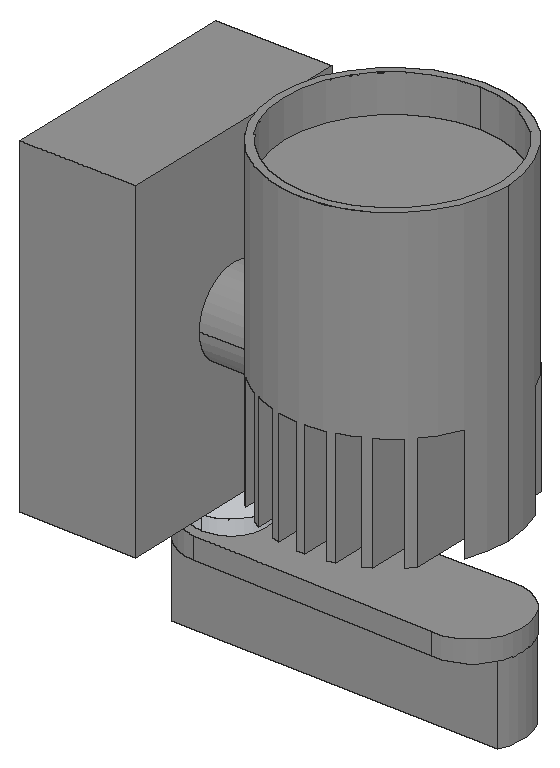
Revit family "2059776 Sylvania Lighting Fixture BEACON MUSE Xicato 3500K O B DIM LS3 Black", category Lighting Fixtures, host Face, Revit 2016
Family settings
  Host = Face
  Part Type = Normal
  Round Connector Dimension = Use Diameter
  OmniClass Number = 23.80.70.00
  OmniClass Title = Lighting
  Cut with Voids When Loaded = No
  Light Source = Yes
  Shared = No
  Room Calculation Point = No
Parameters (values of type "2059776")
  head from driver = 52 mm
  driver head distance = 15 mm
  ceiling drop = 180 mm
  Weight = "n/a"
  Wattage Comments = ""
  Wattage = 0 W
  WarrantyStartDate [instance] = "n/a"
  WarrantyGuarantorParts = ""
  WarrantyDurationUnit = "http://www.sylvania-lighting.com"
  WarrantyDurationParts = "n/a"
  WarrantyDescription = "0.95"
  built-in parameter 1150110 = 1 (stored number, unit not read)
  Voltage = 0 V
  URL = "\\\\svlondc02\\data\\R&D_Fixtures_General\\Dialux Admin\\Michael H\\Bim\\All ranges Feilo\\not Completed\\Beacon Xicato\\Beacon XL Muse Xicato\\2059778.ies"
  TypeName = "BEACON XL MUSE Xicato 3500K O/B DIM LS3 White"
  Type Image = <None>
  Type Comments = "n/a"
  built-in parameter 1114217 = 1 (stored number, unit not read)
  Tilt Angle = 90.00°
  built-in parameter 1150109 = 1 (stored number, unit not read)
  built-in parameter 1150134 = 3
  built-in parameter 1150113 = 1 (stored number, unit not read)
  SerialNumber [instance] = "n/a"
  Photometric Web File = "2059778.ies"
  Material_3_FEILO = none
  PowerFactor = 0
  PowerConsumption = "0"
  NominalLength = 0 mm
  NominalHeight = 0 mm
  NominalDepth = 0 mm
  Name = "BEACON XL MUSE Xicato 3500K O/B DIM LS3 White"
  ModelReference = Name  # "BEACON XL MUSE Xicato 3500K O/B DIM LS3 White"
  ModelNumber = "2059778"
  Model = Name  # "BEACON XL MUSE Xicato 3500K O/B DIM LS3 White"
  Material = ""
  ManufacturerName = ""
  Manufacturer = ""
  LuminousEfficacy = "100"
  built-in parameter 1150105 = (empty or 0)
  Lumens = 0 lm
  LuminaireType = "668/1741 lm"
  built-in parameter 1150115 = 1 (stored number, unit not read)
  Lighting Material = none
  LightOutputRatio = "3"
  built-in parameter 1150137 = (empty or 0)
  built-in parameter 1150139 = (empty or 0)
  Light = none
  LampsType = Lamp  # "n/a"
  LampNominalLuminous = "LED"
  LampMacAdamStep = "16500"
  LampColourTemperature = "n/a"
  LampColourRenderingIndex = "n/a"
  built-in parameter 1150112 = 1 (stored number, unit not read)
  built-in parameter 1150114 = 1 (stored number, unit not read)
  Lamp = "n/a"
  Keynote = "0"
  InstallationDate [instance] = "n/a"
  InputVoltage = "IP20"
  InputNominalFrequency = "IK02"
  built-in parameter 1150132 = (empty or 0)
  built-in parameter 1150102 = (empty or 0)
  built-in parameter 1150107 = 3200 (stored number, unit not read)
  built-in parameter 1150138 = (empty or 0)
  IngressProtection = ""
  ImpactProtectionIndex = "Class II"
  built-in parameter 1150106 = (empty or 0)
  IfcExportType = "IfcLightFixtureType"
  IfcExportAs = "50"
  Head Length [instance] = 142 mm
  ExpectedLife = 50000
  Emit from Circle Diameter = 609.6 mm
  Emit Shape Visible in Rendering = no
  ElectricShockClassification = ""
  built-in parameter 1150104 = 13.8 (stored number, unit not read)
  DurationUnit = "hours"
  Driver Width = 85 mm
  DocumentationLiterature = "http://www.sylvania-lighting.com/product/en-int/products/2059778"
  DimmingControlOptions = "n/a"
  Material_2_FEILO = none
  Dimming Lamp Color Temperature Shift = <None>
  Diameter = 80 mm
  Description = "Integrated LED spotlight with Xicato Artist LED Module, white RAL 9016, unique soft-touch ring, adjustable beam angle from a 10° spot to a 72° flood, compact and minimalist design, ideal for museum, gallery and high-end retail applications, die-cast aluminium body, passive cooling heatsink, beam angle: 10° spot to 72° flood, optics: aspheric glass lens, colour temperature: 3500K warm white, total system power: 35W, total fixture output: 668/1741lm, luminaire efficacy: 50lm/W, LOR: 100%, super high colour rendering: Ra 97 typical, R9 value at 90, LED Chromacity: 3 step MacAdam ellipse, lifetime: 50,000 hours at 70% of the original output (L70), energy class: A++, A+, A, IR/UV free light source without heat radiation, operating voltage: 220-240V / 50-60Hz, drive current: 1050mA, electronic driver, dimmable via on-board potentiometer, power factor: 0.95, electrical protection: CLASS I, 3-circuit track adaptor, suitable for Concord Lytespan 3 track, ingress protection rating: IP20, suitable for internal use."
  Default Elevation = 115 mm
  CreatedOn = "01/07/2019"
  CreatedBy = "@sylvania-lighting.com"
  Cost = 0
  Color Filter = 16777215
  built-in parameter 1114216 [instance] = (empty or 0)
  ClassificationValue = "EF_70_80"
  ClassificationName = "Uniclass2015"
  Material_1_FEILO = none
  BarCode [instance] = "n/a"
  built-in parameter 1114218 = 1 (stored number, unit not read)
  built-in parameter 1150133 = 10 (stored number, unit not read)
  AssetType = "Fixed"
  AssetIdentifier [instance] = "n/a"
  Assembly Code = "D5020200"
  Apparent Load = 35 VA
  Material_4_FEILO = none
  Adaptor Width = 34.952 mm
  Adaptor Pivot = 24.952 mm
  Adaptor Inside Width = 16.53 mm
Reference planes
  plane 1 "Center (Front/Back)": y = 0
  plane 2: z = 0
  plane 3 "Center (Left/Right)": x = 0
  plane 4: y = 40
  plane 5: y = -40
  plane 6: x = -40
  plane 7: x = 40
  plane 8: z = 148
  plane 9: z = -14
  plane 10: x = -72.5
  plane 11: x = -112.5
  plane 12: z = 76
  plane 13: y = 42.5
  plane 14: y = -42.5
  plane 15: y = 17.476
  plane 16: y = -17.476
  plane 17: y = 12.476
  plane 18: y = -12.476
  plane 19: y = 8.265
  plane 20: y = -8.265
  plane 21: z = 5.5
  plane 22: z = 38
  plane 23: x = 35
  plane 24: x = 28
  plane 25: x = 25.5
  plane 26: x = 18.5
  plane 27: x = 16
  plane 28: x = 9
  plane 29: x = 6.5
  plane 30: x = -0.5
  plane 31: x = -3
  plane 32: x = -10
  plane 33: x = -12.5
  plane 34: x = -19.5
  plane 35: x = -22
  plane 36: x = -29
  plane 37: x = -31.5
  plane 38: x = -38.5
Forms (mm)
  Extrusion 1, solid, material "Aluminum", detail levels medium+fine
    sketch origin (0, 0, 0) x (1, 0, 0) y (0, 1, 0)
      loop
        circle (0, 0) r 40
    from 38 to 148
  Extrusion 2, solid, material "Aluminum", detail levels medium+fine
    sketch origin (17.5, 0, 0) x (1, 0, 0) y (0, 1, 0)
      loop
        line (-112.5, 42.5) -> (-112.5, -42.16) -> (-72.5, -42.16) -> (-72.5, 42.5) -> (-112.5, 42.5)
    from 18 to 133
  Extrusion 3, solid, material "Aluminum"
    sketch origin (336.5, 1524, 1219.2) x (0, 1, 0) y (0, 0, 1)
      loop
        circle (-1524, -1143.2) r 15
    from -391.5 to -373.374
  Extrusion 4, solid, detail levels fine
    sketch origin (16.702, -15.316, 18) x (0, 1, 0) y (1, 0, 0)
      loop
        circle (15.34, -72.5) r 12.5
    from 0 to 5
  Extrusion 5, solid, material "Aluminum", detail levels fine
    sketch origin (15.705, -27.856, 13) x (-1, 0, 0) y (0, 1, 0)
      loop
        arc (-11.998, 45.379) -> (-29.497, 27.722) -> (-11.683, 10.382) r 17.5
        line (-11.683, 10.382) -> (71.502, 11.879)
        arc (71.502, 11.879) -> (87.502, 27.879) -> (71.502, 43.879) r 16
        line (71.502, 43.879) -> (-11.998, 45.379)
    from 0 to 7.5
  Extrusion 6, void
    sketch origin (0, 0, 148) x (0, 1, 0) y (1, 0, 0)
      loop
        circle (0, 0) r 37.5
    from 0 to 15
  Extrusion 7, solid, material "Aluminum", detail levels fine
    sketch origin (17.5, 0, 0) x (1, 0, 0) y (0, 1, 0)
      loop
        arc (-87.012, 8.265) -> (-89.298, 0) -> (-87.012, -8.265) r 16.086
        line (-87.012, -8.265) -> (25.615, -8.265)
        arc (25.615, -8.265) -> (27.702, 0) -> (25.615, 8.265) r 17.405
        line (25.615, 8.265) -> (-87.012, 8.265)
    from -21.5 to 5.5
  Extrusion 8, solid, not visible
    sketch origin (0, 0, 0) x (1, 0, 0) y (0, 1, 0)
      loop
        circle (0, 0) r 57.5
    from 48 to 180
  Extrusion 9, void, not visible
    sketch origin (0, 0, 48) x (1, 0, 0) y (0, 1, 0)
      loop
        line (43.7, -85.519) -> (53.7, -85.519) -> (53.7, 68.594) -> (43.7, 68.594) -> (43.7, -85.519)
      loop
        line (39.9, -85.519) -> (39.9, 68.594) -> (29.9, 68.594) -> (29.9, -85.519) -> (39.9, -85.519)
      loop
        line (26.1, -85.519) -> (26.1, 68.594) -> (16.1, 68.594) -> (16.1, -85.519) -> (26.1, -85.519)
      loop
        line (12.3, -85.519) -> (12.3, 68.594) -> (2.3, 68.594) -> (2.3, -85.519) -> (12.3, -85.519)
      loop
        line (-1.5, -85.519) -> (-1.5, 68.594) -> (-11.5, 68.594) -> (-11.5, -85.519) -> (-1.5, -85.519)
      loop
        line (-15.3, -85.519) -> (-15.3, 68.594) -> (-25.3, 68.594) -> (-25.3, -85.519) -> (-15.3, -85.519)
      loop
        line (-29.1, -85.519) -> (-29.1, 68.594) -> (-39.1, 68.594) -> (-39.1, -85.519) -> (-29.1, -85.519)
      loop
        line (-42.9, -85.519) -> (-42.9, 68.594) -> (-52.9, 68.594) -> (-52.9, -85.519) -> (-42.9, -85.519)
    from 0 to 60
  Extrusion 10, solid, not visible
    sketch origin (319, 1524, 1219.2) x (0, 1, 0) y (0, 0, 1)
      loop
        circle (-1524, -1143.2) r 15
    from -391.5 to -361.9
  Extrusion 11, void, not visible
    sketch origin (0, 0, 180) x (0, 1, 0) y (1, 0, 0)
      loop
        circle (0, 0) r 53
    from 0 to 15
  Extrusion 12, solid, not visible
    sketch origin (0, 0, 0) x (1, 0, 0) y (0, 1, 0)
      loop
        circle (0, 0) r 57.5
    from 48 to 180
  Extrusion 13, solid, not visible
    sketch origin (0, 0, 0) x (1, 0, 0) y (0, 1, 0)
      loop
        line (-112.5, 42.5) -> (-112.5, -42.16) -> (-72.5, -42.16) -> (-72.5, 42.5) -> (-112.5, 42.5)
    from 18 to 133
  Extrusion 14, void, not visible
    sketch origin (0, 0, 48) x (1, 0, 0) y (0, 1, 0)
      loop
        line (43.7, -85.519) -> (53.7, -85.519) -> (53.7, 68.594) -> (43.7, 68.594) -> (43.7, -85.519)
      loop
        line (39.9, -85.519) -> (39.9, 68.594) -> (29.9, 68.594) -> (29.9, -85.519) -> (39.9, -85.519)
      loop
        line (26.1, -85.519) -> (26.1, 68.594) -> (16.1, 68.594) -> (16.1, -85.519) -> (26.1, -85.519)
      loop
        line (12.3, -85.519) -> (12.3, 68.594) -> (2.3, 68.594) -> (2.3, -85.519) -> (12.3, -85.519)
      loop
        line (-1.5, -85.519) -> (-1.5, 68.594) -> (-11.5, 68.594) -> (-11.5, -85.519) -> (-1.5, -85.519)
      loop
        line (-15.3, -85.519) -> (-15.3, 68.594) -> (-25.3, 68.594) -> (-25.3, -85.519) -> (-15.3, -85.519)
      loop
        line (-29.1, -85.519) -> (-29.1, 68.594) -> (-39.1, 68.594) -> (-39.1, -85.519) -> (-29.1, -85.519)
      loop
        line (-42.9, -85.519) -> (-42.9, 68.594) -> (-52.9, 68.594) -> (-52.9, -85.519) -> (-42.9, -85.519)
    from 0 to 60
  Extrusion 15, solid, not visible
    sketch origin (319, 1524, 1219.2) x (0, 1, 0) y (0, 0, 1)
      loop
        circle (-1524, -1143.2) r 15
    from -391.5 to -361.9
  Extrusion 16, void, not visible
    sketch origin (0, 0, 180) x (0, 1, 0) y (1, 0, 0)
      loop
        circle (0, 0) r 53
    from 0 to 15
  Extrusion 17, solid, not visible
    sketch origin (0, 0, 0) x (1, 0, 0) y (0, 1, 0)
      loop
        circle (0, 0) r 57.5
    from 48 to 180
  Extrusion 18, solid, not visible
    sketch origin (0, 0, 0) x (1, 0, 0) y (0, 1, 0)
      loop
        line (-112.5, 42.5) -> (-112.5, -42.16) -> (-72.5, -42.16) -> (-72.5, 42.5) -> (-112.5, 42.5)
    from 18 to 133
  Extrusion 19, void, not visible
    sketch origin (0, 0, 48) x (1, 0, 0) y (0, 1, 0)
      loop
        line (43.7, -85.519) -> (53.7, -85.519) -> (53.7, 68.594) -> (43.7, 68.594) -> (43.7, -85.519)
      loop
        line (39.9, -85.519) -> (39.9, 68.594) -> (29.9, 68.594) -> (29.9, -85.519) -> (39.9, -85.519)
      loop
        line (26.1, -85.519) -> (26.1, 68.594) -> (16.1, 68.594) -> (16.1, -85.519) -> (26.1, -85.519)
      loop
        line (12.3, -85.519) -> (12.3, 68.594) -> (2.3, 68.594) -> (2.3, -85.519) -> (12.3, -85.519)
      loop
        line (-1.5, -85.519) -> (-1.5, 68.594) -> (-11.5, 68.594) -> (-11.5, -85.519) -> (-1.5, -85.519)
      loop
        line (-15.3, -85.519) -> (-15.3, 68.594) -> (-25.3, 68.594) -> (-25.3, -85.519) -> (-15.3, -85.519)
      loop
        line (-29.1, -85.519) -> (-29.1, 68.594) -> (-39.1, 68.594) -> (-39.1, -85.519) -> (-29.1, -85.519)
      loop
        line (-42.9, -85.519) -> (-42.9, 68.594) -> (-52.9, 68.594) -> (-52.9, -85.519) -> (-42.9, -85.519)
    from 0 to 60
  Extrusion 20, solid, not visible
    sketch origin (319, 1524, 1219.2) x (0, 1, 0) y (0, 0, 1)
      loop
        circle (-1524, -1143.2) r 15
    from -391.5 to -361.9
  Extrusion 21, solid, not visible
    sketch origin (-0.798, -15.316, 18) x (0, 1, 0) y (1, 0, 0)
      loop
        circle (15.34, -72.5) r 12.5
    from 0 to 5
  Extrusion 22, solid, not visible
    sketch origin (-1.795, -27.856, 13) x (-1, 0, 0) y (0, 1, 0)
      loop
        arc (-11.998, 45.379) -> (-29.497, 27.722) -> (-11.683, 10.382) r 17.5
        line (-11.683, 10.382) -> (71.502, 11.879)
        arc (71.502, 11.879) -> (87.502, 27.879) -> (71.502, 43.879) r 16
        line (71.502, 43.879) -> (-11.998, 45.379)
    from 0 to 7.5
  Extrusion 23, void, not visible
    sketch origin (0, 0, 180) x (0, 1, 0) y (1, 0, 0)
      loop
        circle (0, 0) r 53
    from 0 to 15
  Extrusion 24, solid, not visible
    sketch origin (0, 0, 0) x (1, 0, 0) y (0, 1, 0)
      loop
        circle (0, 0) r 57.5
    from 48 to 180
  Extrusion 25, solid, not visible
    sketch origin (0, 0, 0) x (1, 0, 0) y (0, 1, 0)
      loop
        line (-112.5, 42.5) -> (-112.5, -42.16) -> (-72.5, -42.16) -> (-72.5, 42.5) -> (-112.5, 42.5)
    from 18 to 133
  Extrusion 26, void, not visible
    sketch origin (0, 0, 48) x (1, 0, 0) y (0, 1, 0)
      loop
        line (43.7, -85.519) -> (53.7, -85.519) -> (53.7, 68.594) -> (43.7, 68.594) -> (43.7, -85.519)
      loop
        line (39.9, -85.519) -> (39.9, 68.594) -> (29.9, 68.594) -> (29.9, -85.519) -> (39.9, -85.519)
      loop
        line (26.1, -85.519) -> (26.1, 68.594) -> (16.1, 68.594) -> (16.1, -85.519) -> (26.1, -85.519)
      loop
        line (12.3, -85.519) -> (12.3, 68.594) -> (2.3, 68.594) -> (2.3, -85.519) -> (12.3, -85.519)
      loop
        line (-1.5, -85.519) -> (-1.5, 68.594) -> (-11.5, 68.594) -> (-11.5, -85.519) -> (-1.5, -85.519)
      loop
        line (-15.3, -85.519) -> (-15.3, 68.594) -> (-25.3, 68.594) -> (-25.3, -85.519) -> (-15.3, -85.519)
      loop
        line (-29.1, -85.519) -> (-29.1, 68.594) -> (-39.1, 68.594) -> (-39.1, -85.519) -> (-29.1, -85.519)
      loop
        line (-42.9, -85.519) -> (-42.9, 68.594) -> (-52.9, 68.594) -> (-52.9, -85.519) -> (-42.9, -85.519)
    from 0 to 60
  Extrusion 27, solid, not visible
    sketch origin (319, 1524, 1219.2) x (0, 1, 0) y (0, 0, 1)
      loop
        circle (-1524, -1143.2) r 15
    from -391.5 to -361.9
  Extrusion 28, solid, not visible
    sketch origin (-0.798, -15.316, 18) x (0, 1, 0) y (1, 0, 0)
      loop
        circle (15.34, -72.5) r 12.5
    from 0 to 5
  Extrusion 29, solid, not visible
    sketch origin (-1.795, -27.856, 13) x (-1, 0, 0) y (0, 1, 0)
      loop
        arc (-11.998, 45.379) -> (-29.497, 27.722) -> (-11.683, 10.382) r 17.5
        line (-11.683, 10.382) -> (71.502, 11.879)
        arc (71.502, 11.879) -> (87.502, 27.879) -> (71.502, 43.879) r 16
        line (71.502, 43.879) -> (-11.998, 45.379)
    from 0 to 7.5
  Extrusion 30, void, not visible
    sketch origin (0, 0, 180) x (0, 1, 0) y (1, 0, 0)
      loop
        circle (0, 0) r 53
    from 0 to 15
  Extrusion 31, solid, not visible
    sketch origin (0, 0, 0) x (1, 0, 0) y (0, 1, 0)
      loop
        arc (-87.012, 8.265) -> (-89.298, 0) -> (-87.012, -8.265) r 16.086
        line (-87.012, -8.265) -> (25.615, -8.265)
        arc (25.615, -8.265) -> (27.702, 0) -> (25.615, 8.265) r 17.405
        line (25.615, 8.265) -> (-87.012, 8.265)
    from -21.5 to 5.5
  Extrusion 32, solid, material "Glass, White, High Luminance", detail levels medium+fine
    sketch origin (0, 0, 133) x (0, 1, 0) y (-1, 0, 0)
      loop
        circle (0, 0) r 37.5
    from 0 to 2
  Extrusion 33, void
    sketch origin (2, 0, 38) x (1, 0, 0) y (0, 1, 0)
      loop
        line (35, 50.956) -> (28, 50.956) -> (28, -46.879) -> (35, -46.879) -> (35, 50.956)
      loop
        line (25.5, 50.956) -> (18.5, 50.956) -> (18.5, -46.879) -> (25.5, -46.879) -> (25.5, 50.956)
      loop
        line (9, 50.956) -> (9, -46.879) -> (16, -46.879) -> (16, 50.956) -> (9, 50.956)
      loop
        line (-0.316, 50.956) -> (-0.316, -46.879) -> (6.5, -46.879) -> (6.5, 50.956) -> (-0.316, 50.956)
      loop
        line (-10, 50.956) -> (-10, -46.879) -> (-3, -46.879) -> (-3, 50.956) -> (-10, 50.956)
      loop
        line (-19.5, 50.956) -> (-19.5, -46.879) -> (-12.5, -46.879) -> (-12.5, 50.956) -> (-19.5, 50.956)
      loop
        line (-29, 50.956) -> (-29, -46.879) -> (-22, -46.879) -> (-22, 50.956) -> (-29, 50.956)
      loop
        line (-38.5, 50.956) -> (-38.5, -46.879) -> (-31.5, -46.879) -> (-31.5, 50.956) -> (-38.5, 50.956)
    from 0 to 40
  Extrusion 34, solid, detail levels coarse
    sketch origin (0, 0, 148) x (1, 0, 0) y (0, 1, 0)
      loop
        line (-95, 42.5) -> (-95, -42.16) -> (45, -42.16) -> (45, 42.5) -> (-95, 42.5)
    from -169.5 to 0
Cuts and joins
  Extrusion 6, Extrusion 33 cuts Extrusion 1
Lines and regions (mm)
  reference lines
    curve 1: line (-55.798, 12.524, 13) -> (-55.798, -12.476, 13)
    curve 2: line (-43.298, -15.316, 13) -> (-68.298, -15.316, 13)
  reference lines, not visible
    curve 3: line (-73.298, 12.524, 13) -> (-73.298, -12.476, 13)
    curve 4: line (-60.798, -15.316, 13) -> (-85.798, -15.316, 13)
    curve 5: line (-73.298, 12.524, 13) -> (-73.298, -12.476, 13)
    curve 6: line (-60.798, -15.316, 13) -> (-85.798, -15.316, 13)
Dimensions and locks
  "Diameter": plane 6 to plane 7
  equal spacing: plane 6, plane 3 "Center (Left/Right)", plane 7
  "Diameter": plane 4 to plane 5
  equal spacing: plane 4, plane 1 "Center (Front/Back)", plane 5
  plane 8 to level = 148 mm
  locked: plane 8 to plane 9 at 162
  "Driver Width": plane 13 to plane 14
  equal spacing: plane 13, plane 1 "Center (Front/Back)", plane 14
  "Adaptor Width": plane 15 to plane 16
  "Adaptor Pivot": plane 17 to plane 18
  equal spacing: plane 17, plane 1 "Center (Front/Back)", plane 18
  "Adaptor Inside Width": plane 19 to plane 20
  equal spacing: plane 19, plane 1 "Center (Front/Back)", plane 20
  "head from driver": plane 22 to plane 9
  aligned and locked: plane 2 to host face
  aligned and locked: level to host face
  aligned and locked: Extrusion 1 to plane 22
Automatic sketch dimensions
  host sketch curve to host sketch curve = 2438.4 mm  (x2)
  Extrusion 5 sketch curve to Extrusion 5 sketch curve = 83.185 mm
  Extrusion 5 sketch curve to Extrusion 5 sketch curve = 0.315 mm
  Extrusion 5 sketch curve to Extrusion 5 sketch curve = 1.5 mm
  Extrusion 5 sketch curve to Extrusion 5 sketch curve = 17.5 mm
  Extrusion 7 sketch curve to Extrusion 7 sketch curve = 15.318 mm
  Extrusion 9 sketch curve to Extrusion 9 sketch curve = 10 mm  (x8)
  Extrusion 9 sketch curve to Extrusion 9 sketch curve = 3.8 mm  (x7)
  Extrusion 9 sketch curve to Extrusion 9 sketch curve = 0 mm  (x14)
  Extrusion 9 sketch curve to Extrusion 9 sketch curve = 154.113 mm
  Extrusion 2 sketch curve to Extrusion 2 sketch curve = 40 mm
  Extrusion 2 sketch curve to Extrusion 2 sketch curve = 84.66 mm
  Extrusion 14 sketch curve to Extrusion 14 sketch curve = 10 mm  (x8)
  Extrusion 14 sketch curve to Extrusion 14 sketch curve = 3.8 mm  (x7)
  Extrusion 14 sketch curve to Extrusion 14 sketch curve = 0 mm  (x14)
  Extrusion 14 sketch curve to Extrusion 14 sketch curve = 154.113 mm
  Extrusion 13 sketch curve to Extrusion 13 sketch curve = 40 mm
  Extrusion 13 sketch curve to Extrusion 13 sketch curve = 84.66 mm
  Extrusion 19 sketch curve to Extrusion 19 sketch curve = 10 mm  (x8)
  Extrusion 19 sketch curve to Extrusion 19 sketch curve = 3.8 mm  (x7)
  Extrusion 19 sketch curve to Extrusion 19 sketch curve = 0 mm  (x14)
  Extrusion 19 sketch curve to Extrusion 19 sketch curve = 154.113 mm
  Extrusion 22 sketch curve to Extrusion 22 sketch curve = 83.185 mm
  Extrusion 22 sketch curve to Extrusion 22 sketch curve = 0.315 mm
  Extrusion 22 sketch curve to Extrusion 22 sketch curve = 1.5 mm
  Extrusion 22 sketch curve to Extrusion 22 sketch curve = 17.5 mm
  Extrusion 18 sketch curve to Extrusion 18 sketch curve = 40 mm
  Extrusion 18 sketch curve to Extrusion 18 sketch curve = 84.66 mm
  Extrusion 7 sketch curve to Extrusion 7 sketch curve = 0 mm  (x2)
  Extrusion 7 sketch curve to Extrusion 7 sketch curve = 13.8 mm
  Extrusion 7 sketch curve to Extrusion 7 sketch curve = 83.509 mm
  Extrusion 7 sketch curve to Extrusion 7 sketch curve = 8.265 mm
  Extrusion 26 sketch curve to Extrusion 26 sketch curve = 10 mm  (x8)
  Extrusion 26 sketch curve to Extrusion 26 sketch curve = 3.8 mm  (x7)
  Extrusion 26 sketch curve to Extrusion 26 sketch curve = 0 mm  (x14)
  Extrusion 26 sketch curve to Extrusion 26 sketch curve = 154.113 mm
  Extrusion 29 sketch curve to Extrusion 29 sketch curve = 83.185 mm
  Extrusion 29 sketch curve to Extrusion 29 sketch curve = 0.315 mm
  Extrusion 29 sketch curve to Extrusion 29 sketch curve = 1.5 mm
  Extrusion 29 sketch curve to Extrusion 29 sketch curve = 17.5 mm
  Extrusion 31 sketch curve to Extrusion 31 sketch curve = 15.318 mm
  Extrusion 25 sketch curve to Extrusion 25 sketch curve = 40 mm
  Extrusion 25 sketch curve to Extrusion 25 sketch curve = 84.66 mm
  Extrusion 31 sketch curve to Extrusion 31 sketch curve = 0 mm  (x2)
  Extrusion 31 sketch curve to Extrusion 31 sketch curve = 13.8 mm
  Extrusion 31 sketch curve to Extrusion 31 sketch curve = 83.509 mm
  Extrusion 31 sketch curve to Extrusion 31 sketch curve = 8.265 mm
  Extrusion 7 sketch curve to plane 19 = 0 mm
  plane 10 to Extrusion 7 sketch curve = 2.988 mm
  Extrusion 2 to Extrusion 4 sketch curve = 0.798 mm
  Extrusion 2 to Extrusion 4 sketch curve = 42.184 mm
  curve 2 to curve 1 = 2.84 mm
  curve 1 to curve 1 = 25 mm
  curve 2 to curve 1 = 12.5 mm
  curve 1 to curve 2 = 12.5 mm
  plane 11 to Extrusion 2 sketch curve = 17.5 mm
  plane 13 to Extrusion 2 sketch curve = 0 mm
  plane 1 "Center (Front/Back)" to Extrusion 1 sketch curve = 0 mm
  Extrusion 1 sketch curve to plane 3 "Center (Left/Right)" = 0 mm
  Extrusion 3 sketch curve to plane 1 "Center (Front/Back)" = 0 mm
  plane 12 to Extrusion 3 sketch curve = 0 mm
  Extrusion 33 sketch curve to Extrusion 33 sketch curve = 7 mm  (x7)
  Extrusion 33 sketch curve to Extrusion 33 sketch curve = 2.5 mm  (x6)
  Extrusion 33 sketch curve to Extrusion 33 sketch curve = 2.684 mm
  Extrusion 33 sketch curve to Extrusion 33 sketch curve = 6.816 mm
  Extrusion 33 sketch curve to Extrusion 33 sketch curve = 0 mm  (x14)
  Extrusion 33 sketch curve to Extrusion 33 sketch curve = 97.836 mm
  Extrusion 34 sketch curve to Extrusion 34 sketch curve = 140 mm
  Extrusion 34 sketch curve to Extrusion 34 sketch curve = 84.66 mm
  radius of Extrusion 1 sketch curve = 40 mm
  radius of Extrusion 3 sketch curve = 15 mm
  radius of Extrusion 4 sketch curve = 12.5 mm
  radius of Extrusion 4 to Extrusion 5 sketch curve = 3.5 mm
  radius of Extrusion 6 sketch curve = 37.5 mm
  radius of Extrusion 8 sketch curve = 57.5 mm
  radius of Extrusion 10 sketch curve = 15 mm
  radius of Extrusion 11 sketch curve = 53 mm
  radius of Extrusion 12 sketch curve = 57.5 mm
  radius of Extrusion 15 sketch curve = 15 mm
  radius of Extrusion 16 sketch curve = 53 mm
  radius of Extrusion 17 sketch curve = 57.5 mm
  radius of Extrusion 20 sketch curve = 15 mm
  radius of Extrusion 21 sketch curve = 12.5 mm
  radius of Extrusion 21 to Extrusion 22 sketch curve = 3.5 mm
  radius of Extrusion 23 sketch curve = 53 mm
  radius of Extrusion 24 sketch curve = 57.5 mm
  radius of Extrusion 27 sketch curve = 15 mm
  radius of Extrusion 28 sketch curve = 12.5 mm
  radius of Extrusion 28 to Extrusion 29 sketch curve = 3.5 mm
  radius of Extrusion 30 sketch curve = 53 mm
  radius of Extrusion 32 sketch curve to Extrusion 6 = 0 mm
Connectors
  electrical at (-13.199, 0, -21.5)
    settings: on Extrusion 7, index 1, voltage 0 V, apparent load 0 VA, apparent load phase1 0 VA, apparent load phase2 0 VA, apparent load phase3 0 VA, power factor 1, load classification "Other", number of poles 1, system type 31, power factor state 1, is connector primary yes, connector utility no, sub classification motor no, connector description ""
